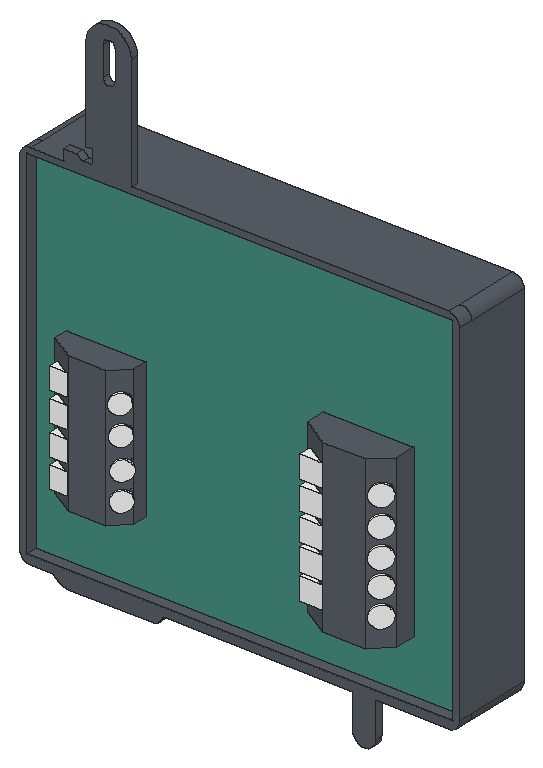
Revit family "TYCO-FPP-FireClass-FC410MIM MINI INPUT MODULE", category Electrical Fixtures, Revit 2014
Parameters (values of type "TYCO-FPP-FireClass-FC410MIM MINI INPUT MODULE")
  Width = 57 mm  # constant formula
  Weight = "22g"
  URL = "https://fireclass.co.uk/en/emea/DocumentandMedia1/Data%20Sheets/80093%20Tyco%20Datasheet_addressable%20Loop%20Modules%20LR.pdf"
  Type Comments = "The FC410MIM Mini Input module is designed to monitor fire contacts, such as\r\nextinguishing system control, ventilation control, fire door control etc."
  Thickness = 12.6 mm  # constant formula
  Storage Temperature = "–40°C to +80°C"
  Relative Humidity = "10% to 95%"
  Quiescent Current = "275μA (typical)"
  PCB = PCB
  Monitor Resistor Value = "100 Ohms"
  Model = "FireClass- 555.800.701"
  Max. MIM800 / Loop2 = "200/250\r\n200/250"
  Manufacturer = "Tyco"
  Loop Voltage = "20V to 40Vdc"
  Length = 48 mm  # constant formula
  Keynote = "The remote LED (if required, not supplied) must be located within\r\nthe same electrical enclosure."
  EOL Resistor Value = "200 Ohms"
  Description = "Mini Contact Module"
  COVER = Cap
  Operating Temperature = "- 25 - + 70 ºC"
  Alarm State Current = "2.8mA"
Reference planes
  plane 1 "Center (Front/Back)": y = 0
  plane 2: z = 0
  plane 3 "Center (Left/Right)": x = 0
  plane 4: z = 24
  plane 5: z = -24
  plane 6: x = -28.5
  plane 7: x = 28.5
  plane 8: y = 9.108
Forms (mm)
  Extrusion 1, solid, material "PCB" <- "PCB", detail levels fine
    sketch origin (0, 0, 0) x (1, 0, 0) y (0, 0, 1)
      loop
        line (-28.5, 24) -> (-28.5, -24) -> (28.5, -24) -> (28.5, 24) -> (-28.5, 24)
    from 0 to -0.36
  Extrusion 2, solid, material "Black", detail levels fine
    sketch origin (0, 0, 0) x (1, 0, 0) y (0, 1, 0)
      loop
        line (-24.333, 0) -> (-24.333, -1.959) -> (-20.846, -4.073) -> (-15.846, -4.073) -> (-13.769, -1.996) -> (-13.769, 0) -> (-24.333, 0)
    from -15.101 to 3.449
  Extrusion 3, solid, material "SW", detail levels fine
    sketch origin (-15.846, -4.073, 0) x (0.707107, 0.707107, 0) y (0, 0, 1)
      loop
        circle (1.586, -12.084) r 1.3
      loop
        circle (1.655, -8.398) r 1.3
      loop
        circle (1.517, -4.227) r 1.3
      loop
        circle (1.413, -0.396) r 1.3
    from -2.671 to 0.511
  Extrusion 4, solid, material "SW", detail levels fine
    sketch origin (-28.5, 0, 19) x (0, 0, 1) y (0, 1, 0)
      loop
        line (-17.969, -3.704) -> (-17.969, -2.156) -> (-20.814, -2.156) -> (-20.814, -3.704) -> (-17.969, -3.704)
      loop
        line (-21.877, -3.704) -> (-21.877, -2.156) -> (-24.722, -2.156) -> (-24.722, -3.704) -> (-21.877, -3.704)
      loop
        line (-25.909, -3.704) -> (-25.909, -2.156) -> (-28.753, -2.156) -> (-28.753, -3.704) -> (-25.909, -3.704)
      loop
        line (-29.822, -3.704) -> (-29.822, -2.156) -> (-32.667, -2.156) -> (-32.667, -3.704) -> (-29.822, -3.704)
    from -4.775 to -8.968
  Extrusion 5, solid, material "Black", detail levels fine
    sketch origin (0, 0, 0) x (1, 0, 0) y (0, 1, 0)
      loop
        line (10.041, 0) -> (10.041, -2.759) -> (14.003, -5.16) -> (19.683, -5.16) -> (22.041, -2.801) -> (22.041, 0) -> (10.041, 0)
    from -16.878 to 5.798
  Extrusion 6, solid, material "SW", detail levels fine
    sketch origin (19.824, -5.019, 0) x (0.707107, 0.707107, 0) y (0, 0, 1)
      loop
        circle (1.405, 1.638) r 1.4
      loop
        circle (1.405, -2.146) r 1.4
      loop
        circle (1.405, -5.852) r 1.4
      loop
        circle (1.405, -9.324) r 1.4
      loop
        circle (1.405, -12.914) r 1.4
    from -1.981 to 0.539
  Extrusion 7, solid, material "SW", detail levels fine
    sketch origin (0, 0, 0) x (0, 1, 0) y (0, 0, 1)
      loop
        line (-4.916, 3.159) -> (-4.916, 0.159) -> (-3.116, 0.159) -> (-3.116, 3.159) -> (-4.916, 3.159)
      loop
        line (-4.916, -0.647) -> (-4.916, -3.647) -> (-3.116, -3.647) -> (-3.116, -0.647) -> (-4.916, -0.647)
      loop
        line (-4.916, -4.384) -> (-4.916, -7.384) -> (-3.116, -7.384) -> (-3.116, -4.384) -> (-4.916, -4.384)
      loop
        line (-4.916, -7.956) -> (-4.916, -10.956) -> (-3.116, -10.956) -> (-3.116, -7.956) -> (-4.916, -7.956)
      loop
        line (-4.916, -11.458) -> (-4.916, -14.458) -> (-3.116, -14.458) -> (-3.116, -11.458) -> (-4.916, -11.458)
    from 10.72 to 14.617
  Extrusion 8, solid, material "Cap" <- "COVER", detail levels fine
    sketch origin (-42.29, 9.108, 1219.2) x (-1, 0, 0) y (0, 0, -1)
      loop
        arc (-14.391, 1194.398) -> (-13.33, 1194.837) -> (-12.891, 1195.898) r 1.5
        line (-12.891, 1195.898) -> (-12.891, 1242.898)
        arc (-12.891, 1242.898) -> (-13.33, 1243.958) -> (-14.391, 1244.398) r 1.5
        line (-14.391, 1244.398) -> (-70.217, 1244.398)
        arc (-70.217, 1244.398) -> (-71.277, 1243.958) -> (-71.717, 1242.898) r 1.5
        line (-71.717, 1242.898) -> (-71.717, 1195.898)
        arc (-71.717, 1195.898) -> (-71.277, 1194.837) -> (-70.217, 1194.398) r 1.5
        line (-70.217, 1194.398) -> (-14.391, 1194.398)
    from 0 to 8.748
  Extrusion 9, solid, material "Cap" <- "COVER", detail levels fine
    sketch origin (-42.29, 0.36, 1219.2) x (-1, 0, 0) y (0, 0, -1)
      loop
        arc (-14.391, 1194.398) -> (-13.33, 1194.837) -> (-12.891, 1195.898) r 1.5
        line (-12.891, 1195.898) -> (-12.891, 1242.898)
        arc (-12.891, 1242.898) -> (-13.33, 1243.958) -> (-14.391, 1244.398) r 1.5
        line (-14.391, 1244.398) -> (-70.217, 1244.398)
        arc (-70.217, 1244.398) -> (-71.277, 1243.958) -> (-71.717, 1242.898) r 1.5
        line (-71.717, 1242.898) -> (-71.717, 1195.898)
        arc (-71.717, 1195.898) -> (-71.277, 1194.837) -> (-70.217, 1194.398) r 1.5
        line (-70.217, 1194.398) -> (-14.391, 1194.398)
      loop
        line (-13.79, 1195.2) -> (-13.79, 1243.2) -> (-70.79, 1243.2) -> (-70.79, 1195.2) -> (-13.79, 1195.2)
    from 0 to 1.888
  Extrusion 10, solid, material "Cap" <- "COVER", detail levels fine
    sketch origin (-42.29, -1.528, 1219.2) x (-1, 0, 0) y (0, 0, -1)
      loop
        line (-18.79, 1194.398) -> (-27.788, 1194.398) -> (-27.788, 1179.132)
        arc (-27.788, 1179.132) -> (-24.767, 1176.112) -> (-21.747, 1179.132) r 3.02
        line (-21.747, 1179.132) -> (-21.747, 1191.695) -> (-22.572, 1191.695) -> (-22.572, 1193.55) -> (-21.355, 1193.55) -> (-20.528, 1192.971) -> (-18.79, 1192.971) -> (-18.79, 1194.398)
      loop
        arc (-24.041, 1182.581) -> (-24.843, 1183.383) -> (-25.644, 1182.581) r 0.802
        line (-25.644, 1182.581) -> (-25.644, 1178.637)
        arc (-25.644, 1178.637) -> (-24.843, 1177.835) -> (-24.041, 1178.637) r 0.802
        line (-24.041, 1178.637) -> (-24.041, 1182.581)
      loop
        line (-57.418, 1243.2) -> (-57.418, 1249.081)
        arc (-57.418, 1249.081) -> (-58.932, 1250.596) -> (-60.447, 1249.081) r 1.514
        line (-60.447, 1249.081) -> (-60.447, 1243.2) -> (-57.418, 1243.2)
      loop
        line (-16.141, 1243.2) -> (-17.667, 1244.726)
        arc (-17.667, 1244.726) -> (-18.626, 1245.366) -> (-19.756, 1245.591) r 2.955
        line (-19.756, 1245.591) -> (-30.476, 1245.591)
        arc (-30.476, 1245.591) -> (-31.271, 1245.378) -> (-31.853, 1244.796) r 1.591
        line (-31.853, 1244.796) -> (-32.775, 1243.2) -> (-16.141, 1243.2)
    from -0.938 to 0
Cuts and joins
  joined: Extrusion 2, Extrusion 5
  joined: Extrusion 8, Extrusion 9, Extrusion 10
Lines and regions (mm)
  model lines, detail levels coarse+medium
    curve 1: line (-28.5, 0, 24) -> (28.5, 0, 24)
    curve 2: line (-28.5, 0, -24) -> (-28.5, 0, 24)
    curve 3: line (28.5, 0, -24) -> (-28.5, 0, -24)
    curve 4: line (28.5, 0, 24) -> (28.5, 0, -24)
Dimensions and locks
  equal spacing: plane 4, level, plane 5
  "Length": plane 4 to plane 5
  equal spacing: plane 7, plane 3 "Center (Left/Right)", plane 6
  "Width": plane 7 to plane 6
  aligned and locked: plane 2 to level
  aligned and locked: Extrusion 1 sketch curve to plane 4
  aligned and locked: plane 6 to Extrusion 1 sketch curve
  aligned and locked: Extrusion 1 sketch curve to plane 5
  aligned and locked: plane 7 to Extrusion 1 sketch curve
  aligned and locked: plane 4 to Extrusion 1
  aligned and locked: curve 1 to plane 4
  aligned and locked: plane 7 to curve 4
  aligned and locked: curve 3 to plane 5
  aligned and locked: plane 6 to curve 2
  aligned and locked: Extrusion 8 to plane 8
  aligned and locked: Extrusion 9 to Extrusion 1
Automatic sketch dimensions
  Extrusion 3 sketch curve to Extrusion 2 = 1.351 mm
  Extrusion 3 sketch curve to Extrusion 2 = 1.282 mm
  Extrusion 3 sketch curve to Extrusion 2 = 1.419 mm
  Extrusion 3 sketch curve to Extrusion 2 = 1.523 mm
  Extrusion 3 sketch curve to Extrusion 3 sketch curve = 3.686 mm
  Extrusion 3 sketch curve to Extrusion 3 sketch curve = 4.171 mm
  Extrusion 2 to Extrusion 3 sketch curve = 3.845 mm
  Extrusion 3 sketch curve to Extrusion 3 sketch curve = 3.832 mm
  Extrusion 4 sketch curve to Extrusion 1 = 3.704 mm
  Extrusion 4 sketch curve to Extrusion 1 = 10.333 mm
  Extrusion 4 sketch curve to Extrusion 4 sketch curve = 2.844 mm  (x4)
  Extrusion 4 sketch curve to Extrusion 4 sketch curve = 1.07 mm
  Extrusion 4 sketch curve to Extrusion 4 sketch curve = 1.187 mm
  Extrusion 4 sketch curve to Extrusion 4 sketch curve = 1.064 mm
  Extrusion 4 sketch curve to Extrusion 4 sketch curve = 0 mm  (x5)
  Extrusion 4 sketch curve to Extrusion 4 sketch curve = 1.548 mm  (x2)
  plane 1 "Center (Front/Back)" to Extrusion 2 sketch curve = 0 mm
  plane 6 to Extrusion 2 sketch curve = 4.167 mm
  Extrusion 2 sketch curve to Extrusion 2 sketch curve = 3.488 mm
  plane 1 "Center (Front/Back)" to Extrusion 2 sketch curve = 4.073 mm
  Extrusion 2 sketch curve to Extrusion 2 sketch curve = 5 mm
  Extrusion 2 sketch curve to Extrusion 2 sketch curve = 2.076 mm
  plane 1 "Center (Front/Back)" to Extrusion 2 sketch curve = 1.996 mm
  plane 1 "Center (Front/Back)" to Extrusion 2 sketch curve = 1.959 mm
  plane 1 "Center (Front/Back)" to Extrusion 5 sketch curve = 0 mm
  plane 3 "Center (Left/Right)" to Extrusion 5 sketch curve = 10.041 mm
  plane 1 "Center (Front/Back)" to Extrusion 5 sketch curve = 5.16 mm
  Extrusion 5 sketch curve to Extrusion 5 sketch curve = 3.962 mm
  Extrusion 5 sketch curve to Extrusion 5 sketch curve = 5.68 mm
  Extrusion 5 sketch curve to Extrusion 5 sketch curve = 2.359 mm
  Extrusion 5 sketch curve to Extrusion 5 sketch curve = 2.801 mm
  Extrusion 5 sketch curve to Extrusion 5 sketch curve = 2.759 mm
  Extrusion 5 to Extrusion 6 sketch curve = 1.605 mm  (x5)
  Extrusion 5 to Extrusion 6 sketch curve = 3.965 mm
  Extrusion 6 sketch curve to Extrusion 6 sketch curve = 3.589 mm
  Extrusion 6 sketch curve to Extrusion 6 sketch curve = 3.472 mm
  Extrusion 6 sketch curve to Extrusion 6 sketch curve = 3.706 mm
  Extrusion 6 sketch curve to Extrusion 6 sketch curve = 3.784 mm
  plane 1 "Center (Front/Back)" to Extrusion 7 sketch curve = 4.916 mm  (x2)
  Extrusion 7 sketch curve to Extrusion 7 sketch curve = 0 mm  (x7)
  Extrusion 7 sketch curve to Extrusion 7 sketch curve = 1.8 mm
  level to Extrusion 7 sketch curve = 0.159 mm
  Extrusion 7 sketch curve to level = 0.647 mm
  Extrusion 7 sketch curve to Extrusion 7 sketch curve = 3 mm  (x5)
  Extrusion 7 sketch curve to Extrusion 7 sketch curve = 0.737 mm
  Extrusion 7 sketch curve to Extrusion 7 sketch curve = 0.572 mm
  Extrusion 7 sketch curve to Extrusion 7 sketch curve = 0.502 mm
  Extrusion 9 sketch curve to Extrusion 8 = 0 mm  (x3)
  Extrusion 8 to Extrusion 9 sketch curve = 0 mm
  Extrusion 8 to Extrusion 9 sketch curve = 0.927 mm
  Extrusion 9 sketch curve to Extrusion 9 sketch curve = 0.573 mm
  Extrusion 8 to Extrusion 9 sketch curve = 1.5 mm  (x2)
  Extrusion 9 sketch curve to Extrusion 9 sketch curve = 1.5 mm
  Extrusion 8 to Extrusion 9 sketch curve = 0.899 mm
  Extrusion 8 to Extrusion 9 sketch curve = 1.198 mm
  Extrusion 8 to Extrusion 9 sketch curve = 0.802 mm
  plane 5 to Extrusion 8 sketch curve = 0.302 mm
  plane 7 to Extrusion 8 sketch curve = 0.927 mm
  Extrusion 8 sketch curve to plane 7 = 0.573 mm  (x2)
  Extrusion 8 sketch curve to plane 6 = 0.601 mm  (x2)
  plane 4 to Extrusion 8 sketch curve = 0.698 mm
  plane 6 to Extrusion 8 sketch curve = 0.899 mm
  Extrusion 10 sketch curve to Extrusion 9 = 0 mm  (x3)
  Extrusion 10 sketch curve to Extrusion 9 = 10.343 mm
  Extrusion 10 sketch curve to Extrusion 10 sketch curve = 1.514 mm
  Extrusion 10 sketch curve to Extrusion 9 = 18.985 mm
  Extrusion 10 sketch curve to Extrusion 9 = 0.398 mm
  Extrusion 10 sketch curve to Extrusion 10 sketch curve = 0.922 mm
  Extrusion 10 sketch curve to Extrusion 9 = 1.194 mm
  Extrusion 10 sketch curve to Extrusion 10 sketch curve = 1.378 mm
  Extrusion 10 sketch curve to Extrusion 9 = 13.998 mm
  Extrusion 10 sketch curve to Extrusion 10 sketch curve = 2.143 mm
  Extrusion 10 sketch curve to Extrusion 10 sketch curve = 0.802 mm
  Extrusion 10 sketch curve to Extrusion 10 sketch curve = 0.075 mm
  Extrusion 10 sketch curve to Extrusion 9 = 0.848 mm
  Extrusion 10 sketch curve to Extrusion 10 sketch curve = 0.825 mm
  Extrusion 10 sketch curve to Extrusion 10 sketch curve = 1.217 mm
  Extrusion 10 sketch curve to Extrusion 9 = 1.427 mm
  Extrusion 10 sketch curve to Extrusion 10 sketch curve = 0.827 mm
  Extrusion 10 sketch curve to Extrusion 9 = 5.966 mm
  Extrusion 10 sketch curve to Extrusion 10 sketch curve = 1.738 mm
  Extrusion 10 sketch curve to Extrusion 9 = 0.328 mm
  Extrusion 10 sketch curve to Extrusion 10 sketch curve = 2.089 mm
  Extrusion 10 sketch curve to Extrusion 10 sketch curve = 1.526 mm
  Extrusion 10 sketch curve to Extrusion 9 = 4.684 mm
  Extrusion 10 sketch curve to Extrusion 10 sketch curve = 1.276 mm
  Extrusion 10 sketch curve to Extrusion 10 sketch curve = 9.114 mm
  Extrusion 10 sketch curve to Extrusion 10 sketch curve = 3.449 mm
  Extrusion 10 sketch curve to Extrusion 10 sketch curve = 0.496 mm
  radius of Extrusion 3 sketch curve = 1.3 mm  (x4)
  radius of Extrusion 6 sketch curve = 1.4 mm  (x5)
Connectors
  electrical at (0.014, 9.108, -0.198)
    settings: on cut or joined group of Extrusion 8, Extrusion 9, Extrusion 10, index 1, voltage 20 V, apparent load 0 VA, apparent load phase1 0 VA, apparent load phase2 0 VA, apparent load phase3 0 VA, power factor 1, load classification "Other", number of poles 1, system type 31, power factor state 1, is connector primary yes, connector utility no, sub classification motor no, connector description ""
